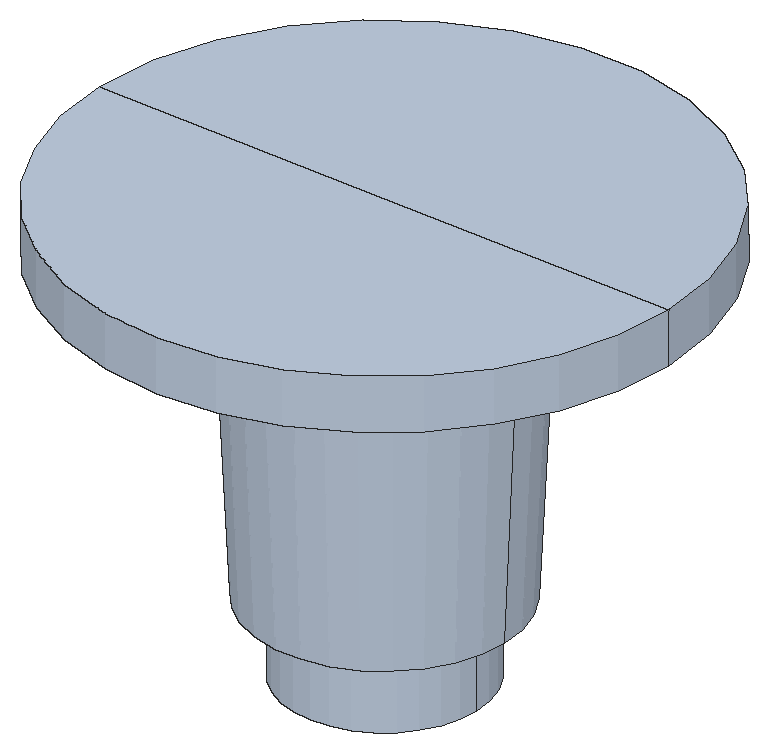
Revit family "STR_FIX ANCHOR DW15_0230005", category Modelos genéricos, Revit 2018
Family settings
  Puede alojar armadura = No
  Cota de conector redondo = Diámetro de uso
  Tipo de pieza = Normal
  Número OmniClass = 35.51.14.00
  Título OmniClass = FORMWORK
  Se basa en plano de trabajo = Sí
  Siempre vertical = No
  Corte con vacíos al cargar = No
  Compartido = Sí
  Punto de cálculo de habitación = No
Parameters
  VERSION = "20170217"  # constant formula
  URL = "www.ulmaconstruction.com/en"
  UNICLASS = ""
  Fabricante = "ULMA CONSTRUCTION"  # constant formula
  ITEM_CODE = "0230005"
  FILTER [instance] = ""
  Default Elevation = 0.000 mm
  CLASSIFICATION_TITLE = ""
  CLASSIFICATION_NUMBER = ""
Reference planes
  plane 1 "Centro (Frontal/Posterior)": y = 0
  plane 2: z = 0
  plane 3 "Centro (Izquierda/Derecha)": x = 0
Forms (mm)
  Revolve 1, solid, material "ULMA STEEL"
    sketch origin (0, 0, 0) x (-1, 0, 0) y (0, 0, -1)
      loop
        arc (-18.498, 7.208) -> (-21.133, 0.981) -> (-27.117, -2.168) r 10.051
        line (-27.117, -2.168) -> (-40, -4) -> (-40, -11) -> (0, -11) -> (0, 49) -> (-13, 49) -> (-13, 39) -> (-17, 39) -> (-18.498, 7.208)
      axis (0, -11) -> (0, 49)
    angle from 0 to 360
Dimensions and locks
  aligned and locked: level to plane 2
